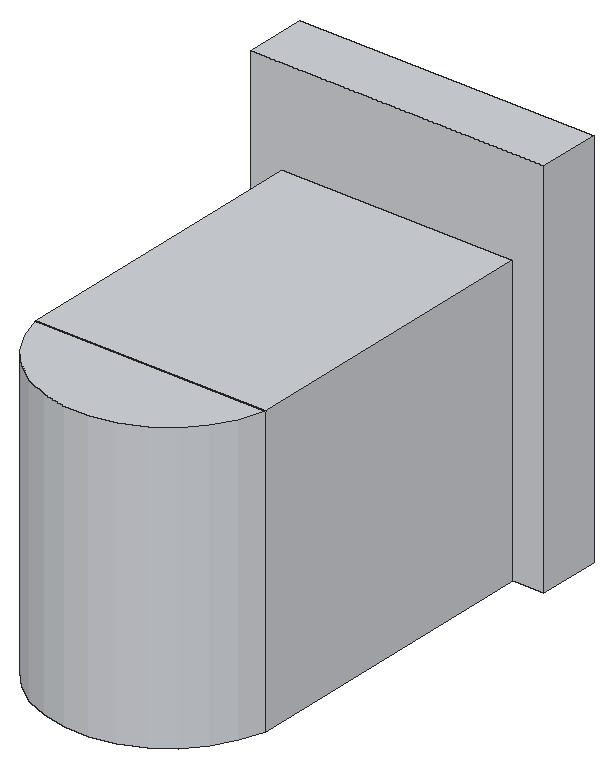
Revit family "Toilet", category 家具, Revit 2025
Family settings
  OmniClass 编号 = 23.40.20.00
  OmniClass 标题 = General Furniture and Specialties
  基于工作平面 = 否
  视图中启用分割 = 否
  总是垂直 = 是
  载入时剪切的空心 = 否
  渲染外观源 = 族几何图形
  共享 = 否
  房间计算点 = 否
Parameters
  默认高程 = 0 mm
Reference planes
  plane 1 "中心(前/后)": y = 0
  plane 2: z = 0
  plane 3 "中心(左/右)": x = 0
  plane 4: y = 370
  plane 5: y = -370
  plane 6: x = -230
  plane 7: x = 230
  plane 8: y = 0
  plane 9: y = -210
  plane 10: x = -180
  plane 11: x = 180
Forms (mm)
  Extrusion 1, solid
    sketch origin (0, 0, 0) x (1, 0, 0) y (0, 1, 0)
      loop
        line (-180, 370) -> (-180, -210) -> (180, -210) -> (180, 370) -> (-180, 370)
    from 0 to 450
  Extrusion 2, solid
    sketch origin (0, 0, 0) x (1, 0, 0) y (0, 1, 0)
      loop
        arc (-180, -210) -> (0, -355.459) -> (180, -210) r 184.101
        line (180, -210) -> (-180, -210)
    from 0 to 450
  Extrusion 3, solid
    sketch origin (0, 0, 0) x (1, 0, 0) y (0, 1, 0)
      loop
        line (-230, 370) -> (-230, 273.278) -> (230, 273.278) -> (230, 370) -> (-230, 370)
    from 0 to 600
Dimensions and locks
  aligned and locked: level to plane 2
